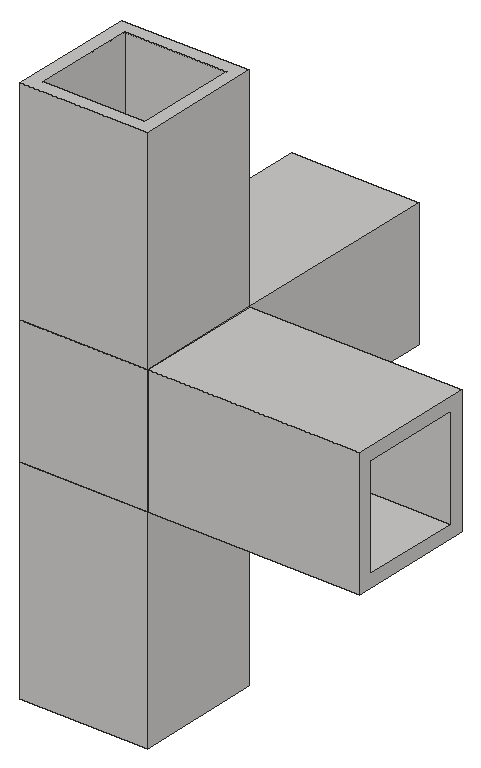
Revit family "NM_steeljoint", category Generic Models, Revit 2014
Parameters (values of type "K_joint")
  profile_thickness = 3 mm
  joint_material [instance] = NM_satin steel
  insert_width = 50 mm
  core_side = 30 mm
  componentD_vis = no
  componentC_vis = no
  componentB_vis = yes
  componentA_vis = yes
Types (7, lengths in mm): name | componentD_vis | componentB_vis | componentA_vis
  (no name) | no | yes | yes
  T_joint | no | no | yes
  E_joint | no | yes | no
  K_joint | no | yes | yes
  S_joint | yes | yes | yes
  A_joint | yes | yes | yes
  O_joint | no | no | no
Reference planes
  plane 1 "Center (Front/Back)": y = 0
  plane 2: z = 0
  plane 3 "Center (Left/Right)": x = 0
  plane 4: y = 15
  plane 5: y = -15
  plane 6: x = -15
  plane 7: x = 15
  plane 8: z = 15
  plane 9: z = -15
  plane 10: x = -12
  plane 11: x = 12
  plane 12: y = -12
  plane 13: y = 12
  plane 14: z = 65
  plane 15: z = -65
  plane 16: x = 65
  plane 17: x = -65
  plane 18: y = 65
  plane 19: y = -65
  plane 20: z = 12
  plane 21: z = -12
  plane 22: x = 12
  plane 23: x = -12
  plane 24: y = 12
  plane 25: y = -12
  plane 26: z = -12
  plane 27: z = 12
  plane 28: y = 12
  plane 29: y = -12
  plane 30: z = -12
  plane 31: z = 12
  plane 32: x = 12
  plane 33: x = -12
  plane 34: z = -12
  plane 35: z = 12
  plane 36: z = 0
  plane 37: x = 0
  plane 38: y = 0
  plane 39: x = -12
  plane 40: x = 12
  plane 41: y = -12
  plane 42: y = 12
Forms (mm)
  Extrusion 1, solid, material "NM_satin steel" <- "joint_material"
    sketch origin (0, 0, 0) x (1, 0, 0) y (0, 1, 0)
      loop
        line (-15, 15) -> (-15, -15) -> (15, -15) -> (15, 15) -> (-15, 15)
    from -15 to 15
  Extrusion 2, solid, material "NM_satin steel" <- "joint_material", visible <- "componentA_vis"
    sketch origin (0, 0, 0) x (1, 0, 0) y (0, 1, 0)
      loop
        line (-15, 15) -> (-15, -15) -> (15, -15) -> (15, 15) -> (-15, 15)
    from 15 to 65
  Extrusion 3, void
    sketch origin (0, 0, 0) x (1, 0, 0) y (0, 1, 0)
      loop
        line (-12, 12) -> (-12, -12) -> (12, -12) -> (12, 12) -> (-12, 12)
    from 15 to 65
  Extrusion 4, solid, material "NM_satin steel" <- "joint_material", visible <- "componentC_vis"
    sketch origin (0, 0, 0) x (1, 0, 0) y (0, 0, 1)
      loop
        line (-15, 15) -> (-15, -15) -> (15, -15) -> (15, 15) -> (-15, 15)
    from 15 to 65
  Extrusion 5, void
    sketch origin (0, 0, 0) x (1, 0, 0) y (0, 0, 1)
      loop
        line (-12, 12) -> (-12, -12) -> (12, -12) -> (12, 12) -> (-12, 12)
    from 15 to 65
  Extrusion 6, solid, material "NM_satin steel" <- "joint_material", visible <- "componentB_vis"
    sketch origin (0, 0, 0) x (0, 1, 0) y (0, 0, 1)
      loop
        line (15, 15) -> (-15, 15) -> (-15, -15) -> (15, -15) -> (15, 15)
    from 15 to 65
  Extrusion 7, void
    sketch origin (0, 0, 0) x (0, 1, 0) y (0, 0, 1)
      loop
        line (12, 12) -> (-12, 12) -> (-12, -12) -> (12, -12) -> (12, 12)
    from 15 to 65
  Extrusion 8, solid, material "NM_satin steel" <- "joint_material", visible <- "componentD_vis"
    sketch origin (0, 0, 0) x (0, 1, 0) y (0, 0, 1)
      loop
        line (15, 15) -> (-15, 15) -> (-15, -15) -> (15, -15) -> (15, 15)
    from -65 to -15
  Extrusion 9, void
    sketch origin (0, 0, 0) x (0, 1, 0) y (0, 0, 1)
      loop
        line (12, 12) -> (-12, 12) -> (-12, -12) -> (12, -12) -> (12, 12)
    from -65 to -15
  Extrusion 10, solid, material "NM_satin steel" <- "joint_material"
    sketch origin (0, 0, 0) x (1, 0, 0) y (0, 0, 1)
      loop
        line (15, 15) -> (-15, 15) -> (-15, -15) -> (15, -15) -> (15, 15)
    from -15 to -65
  Extrusion 11, void
    sketch origin (0, 0, 0) x (1, 0, 0) y (0, 0, 1)
      loop
        line (12, 12) -> (-12, 12) -> (-12, -12) -> (12, -12) -> (12, 12)
    from -15 to -65
  Extrusion 12, solid, material "NM_satin steel" <- "joint_material"
    sketch origin (0, 0, 0) x (1, 0, 0) y (0, 1, 0)
      loop
        line (-15, 15) -> (-15, -15) -> (15, -15) -> (15, 15) -> (-15, 15)
    from -15 to -65
  Extrusion 13, void
    sketch origin (0, 0, 0) x (1, 0, 0) y (0, 1, 0)
      loop
        line (-12, 12) -> (-12, -12) -> (12, -12) -> (12, 12) -> (-12, 12)
    from -65 to -15
Cuts and joins
  Extrusion 3, Extrusion 5, Extrusion 7, Extrusion 9, Extrusion 11, Extrusion 13 cuts Extrusion 1
  Extrusion 3, Extrusion 13 cuts Extrusion 2
  Extrusion 5, Extrusion 11 cuts Extrusion 4
  Extrusion 7, Extrusion 9 cuts Extrusion 6
  Extrusion 9 cuts Extrusion 8
  Extrusion 11 cuts Extrusion 10
Dimensions and locks
  "core_side": plane 4 to plane 5
  "core_side": plane 6 to plane 7
  "core_side": plane 8 to plane 9
  "profile_thickness": plane 13 to plane 4
  "profile_thickness": plane 5 to plane 12
  "profile_thickness": plane 6 to plane 10
  "profile_thickness": plane 11 to plane 7
  "insert_width": plane 14 to plane 8
  "insert_width": plane 6 to plane 17
  "insert_width": plane 16 to plane 7
  "insert_width": plane 9 to plane 15
  "insert_width": plane 18 to plane 4
  "insert_width": plane 5 to plane 19
  "profile_thickness": plane 21 to plane 9
  "profile_thickness": plane 8 to plane 20
  "profile_thickness": plane 7 to plane 22
  "profile_thickness": plane 23 to plane 6
  "profile_thickness": plane 26 to plane 9
  "profile_thickness": plane 8 to plane 27
  "profile_thickness": plane 4 to plane 24
  "profile_thickness": plane 25 to plane 5
  "profile_thickness": plane 8 to plane 31
  "profile_thickness": plane 30 to plane 9
  "profile_thickness": plane 4 to plane 28
  "profile_thickness": plane 29 to plane 5
  "profile_thickness": plane 35 to plane 8
  "profile_thickness": plane 9 to plane 34
  "profile_thickness": plane 6 to plane 33
  "profile_thickness": plane 32 to plane 7
  equal spacing: plane 8, plane 36, plane 9
  equal spacing: plane 6, plane 37, plane 7
  equal spacing: plane 4, plane 38, plane 5
  "profile_thickness": plane 4 to plane 42
  "profile_thickness": plane 41 to plane 5
  "profile_thickness": plane 6 to plane 39
  "profile_thickness": plane 40 to plane 7
  aligned and locked: level to plane 2
  aligned and locked: Extrusion 1 sketch curve to plane 4
  aligned and locked: plane 6 to Extrusion 1 sketch curve
  aligned and locked: plane 5 to Extrusion 1 sketch curve
  aligned and locked: Extrusion 1 sketch curve to plane 7
  aligned and locked: Extrusion 1 to plane 9
  aligned and locked: plane 8 to Extrusion 1
  aligned and locked: Extrusion 2 sketch curve to Extrusion 1  (x4)
  aligned and locked: plane 13 to Extrusion 3 sketch curve
  aligned and locked: plane 10 to Extrusion 3 sketch curve
  aligned and locked: Extrusion 3 sketch curve to plane 12
  aligned and locked: Extrusion 3 sketch curve to plane 11
  aligned and locked: cut or joined group of Extrusion 2, Extrusion 3, Extrusion 13 to plane 8
  aligned and locked: cut or joined group of Extrusion 1, Extrusion 3, Extrusion 5, Extrusion 7, Extrusion 9, Extrusion 11, Extrusion 13 to plane 8
  aligned and locked: plane 14 to cut or joined group of Extrusion 2, Extrusion 3, Extrusion 13  (x2)
  aligned and locked: Extrusion 4 sketch curve to cut or joined group of Extrusion 1, Extrusion 3, Extrusion 5, Extrusion 7, Extrusion 9, Extrusion 11, Extrusion 13  (x3)
  aligned and locked: Extrusion 4 sketch curve to cut or joined group of Extrusion 2, Extrusion 3, Extrusion 13
  aligned and locked: Extrusion 5 sketch curve to plane 20
  aligned and locked: Extrusion 5 sketch curve to plane 22
  aligned and locked: plane 5 to cut or joined group of Extrusion 1, Extrusion 3, Extrusion 5, Extrusion 7, Extrusion 9, Extrusion 11, Extrusion 13
  aligned and locked: plane 5 to cut or joined group of Extrusion 4, Extrusion 5, Extrusion 11
  aligned and locked: plane 19 to cut or joined group of Extrusion 4, Extrusion 5, Extrusion 11  (x2)
  aligned and locked: Extrusion 6 sketch curve to cut or joined group of Extrusion 1, Extrusion 3, Extrusion 5, Extrusion 7, Extrusion 9, Extrusion 11, Extrusion 13  (x2)
  aligned and locked: Extrusion 6 sketch curve to cut or joined group of Extrusion 2, Extrusion 3, Extrusion 13
  aligned and locked: cut or joined group of Extrusion 4, Extrusion 5, Extrusion 11 to Extrusion 6 sketch curve
  aligned and locked: cut or joined group of Extrusion 6, Extrusion 7, Extrusion 9 to plane 7  (x2)
  aligned and locked: plane 16 to cut or joined group of Extrusion 6, Extrusion 7, Extrusion 9  (x2)
  aligned and locked: plane 9 to Extrusion 8 sketch curve
  aligned and locked: Extrusion 8 sketch curve to plane 4
  aligned and locked: Extrusion 8 sketch curve to plane 8
  aligned and locked: plane 5 to Extrusion 8 sketch curve
  aligned and locked: plane 30 to Extrusion 9 sketch curve
  aligned and locked: Extrusion 9 sketch curve to plane 29
  aligned and locked: Extrusion 9 sketch curve to plane 31
  aligned and locked: plane 28 to Extrusion 9 sketch curve
  aligned and locked: cut or joined group of Extrusion 8, Extrusion 9 to plane 6
  aligned and locked: cut or joined group of Extrusion 8, Extrusion 9 to plane 17  (x2)
  aligned and locked: plane 6 to cut or joined group of Extrusion 8, Extrusion 9
  aligned and locked: Extrusion 10 sketch curve to plane 8
  aligned and locked: plane 9 to Extrusion 10 sketch curve
  aligned and locked: plane 6 to Extrusion 10 sketch curve
  aligned and locked: Extrusion 10 sketch curve to plane 7
  aligned and locked: Extrusion 11 sketch curve to cut or joined group of Extrusion 4, Extrusion 5, Extrusion 11
  aligned and locked: Extrusion 11 sketch curve to plane 35
  aligned and locked: Extrusion 11 sketch curve to plane 33
  aligned and locked: plane 34 to Extrusion 11 sketch curve
  aligned and locked: plane 4 to cut or joined group of Extrusion 10, Extrusion 11  (x2)
  aligned and locked: cut or joined group of Extrusion 10, Extrusion 11 to plane 18  (x2)
  aligned and locked: plane 6 to Extrusion 12 sketch curve
  aligned and locked: Extrusion 12 sketch curve to plane 7
  aligned and locked: Extrusion 12 sketch curve to plane 4
  aligned and locked: plane 5 to Extrusion 12 sketch curve
  aligned and locked: Extrusion 12 to plane 9
  aligned and locked: Extrusion 12 to plane 15
  aligned and locked: Extrusion 13 sketch curve to plane 40
  aligned and locked: Extrusion 13 sketch curve to plane 42
  aligned and locked: plane 39 to Extrusion 13 sketch curve
  aligned and locked: Extrusion 13 sketch curve to plane 41
  aligned and locked: plane 9 to Extrusion 13
  aligned and locked: Extrusion 13 to plane 15
Automatic sketch dimensions
  Extrusion 5 sketch curve to plane 21 = 0 mm
  Extrusion 5 sketch curve to plane 23 = 0 mm
  Extrusion 7 sketch curve to plane 25 = 0 mm
  Extrusion 7 sketch curve to plane 24 = 0 mm
  Extrusion 7 sketch curve to plane 26 = 0 mm
  Extrusion 7 sketch curve to plane 27 = 0 mm
